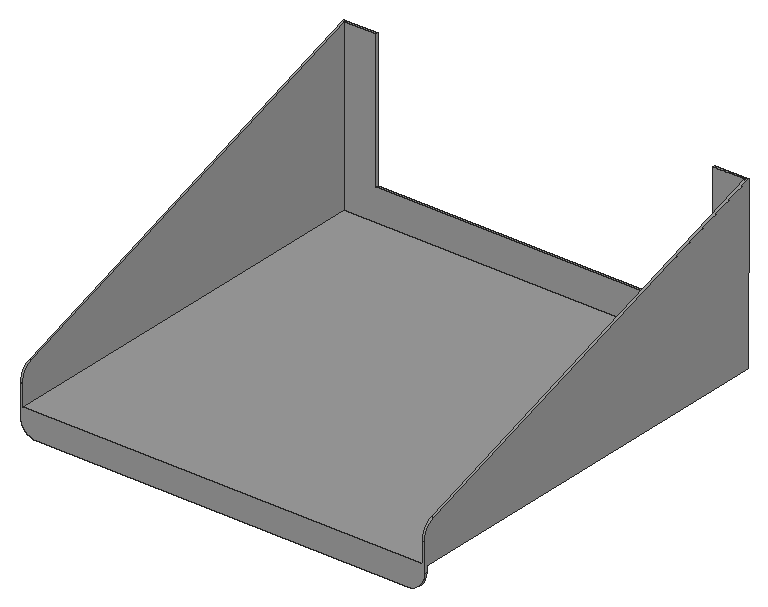
Revit family
Parameters (values of type "equip-shelf-elkay-microwave-24")
  Width = 2' - 0"  # constant formula
  URL = "www.sspinc.net"
  Specification URL = "http://www.sspinc.net/sspweb/index.php?option=com_virtuemart&page=shop.browse&category_id=50&Itemid=73"
  Shelf Material = Metal - Steel - Stainless - Chrome
  Model Number = "WMMS2424"
  Model = "Microwave Shelves"
  Manufacturer = "Elkay SSP, LLC"
  Length = 2' - 0"  # constant formula
  Height = 0' - 10"  # constant formula
  Dist of Shelf to Floor [instance] = 6' - 0"
  Description = "Microwave Shelves, 24 inch wide"
  Assembly Code = ""
Reference planes (in)
  plane 1 "Center (Front/Back)": y = 0
  plane 2: z = 0
  plane 3 "Center (Left/Right)": x = 0
  plane 4 "Left": x = -12
  plane 5 "Right": x = 12
  plane 6 "Back": y = 12
  plane 7 "Front": y = -12
  plane 8 "Top of Shelf": z = 82
  plane 9 "Bottom": z = 72
  plane 10 "Side Radius Arc CL T-B": z = 73.25
  plane 11 "Bottom of Turn-Down": z = 70.5
  plane 12 "Side Radius Arc CL F-B": y = -11
  plane 13 "Right Side - Inside Edge": x = 11.875
  plane 14 "Left Side - Inside Edge": x = -11.875
  plane 15 "Back Side - Inside Edge": y = 11.875
  plane 16 "Front Side - Inside Edge": y = -11.875
  plane 17: z = 71.875
  plane 18 "Front Radius Left CL": x = -11
  plane 19 "Front Radius Right CL": x = 11
  plane 20 "Front Radius Elev CL": z = 71.5
  plane 21 "Logo CL L-R": x = 7
  plane 22 "Logo CL F-B": y = 11
  plane 23 "Back Bracket Inside Edge": x = -10
Forms (in)
  Extrusion 1, solid, material "Metal - Steel - Stainless - Chrome" <- "Shelf Material"
    sketch origin (0, 0, 0) x (0, 1, 0) y (0, 0, 1)
      loop
        line (-12, 72) -> (12, 72) -> (12, 82) -> (-11.3173, 74.19833)
        arc (-11.3173, 74.19833) -> (-11.81157, 73.83425) -> (-12, 73.25) r 1
        line (-12, 73.25) -> (-12, 72)
    from 11.875 to 12
  Extrusion 2, solid, material "Metal - Steel - Stainless - Chrome" <- "Shelf Material"
    sketch origin (0, 0, 0) x (0, 1, 0) y (0, 0, 1)
      loop
        arc (-11.3173, 74.19833) -> (-11.81157, 73.83425) -> (-12, 73.25) r 1
        line (-12, 73.25) -> (-12, 72) -> (12, 72) -> (12, 82) -> (-11.3173, 74.19833)
    from -12 to -11.875
  Sweep 3, solid, material "Metal - Steel - Stainless - Chrome" <- "Shelf Material"
    path origin (0, 12, 0) x (-1, 0, 0) y (0, 0, 1)
      loop
        line (11.875, 82) -> (11.875, 72) -> (-11.875, 72) -> (-11.875, 82)
    profile origin (-11.875, 12, 77) x (0, 1, 0) y (-1, 0, 0)
      loop
        line (-0.125, -1.875) -> (0, -1.875) -> (0, 0) -> (-0.125, 0) -> (-0.125, -1.875)
  Extrusion 4, solid, material "Metal - Steel - Stainless - Chrome" <- "Shelf Material"
    sketch origin (0, 0, 0) x (1, 0, 0) y (0, 1, 0)
      loop
        line (-12, 12) -> (-12, -12) -> (12, -12) -> (12, 12) -> (-12, 12)
    from 71.875 to 72
  Extrusion 5, solid, material "Metal - Steel - Stainless - Chrome" <- "Shelf Material"
    sketch origin (0, 0, 0) x (1, 0, 0) y (0, 0, 1)
      loop
        line (-12, 72) -> (-12, 71.5)
        arc (-12, 71.5) -> (-11.70711, 70.79289) -> (-11, 70.5) r 1
        line (-11, 70.5) -> (11, 70.5)
        arc (11, 70.5) -> (11.70711, 70.79289) -> (12, 71.5) r 1
        line (12, 71.5) -> (12, 72) -> (-12, 72)
    from 11.875 to 12
Cuts and joins
  joined: Extrusion 1, Extrusion 2, Extrusion 4, Extrusion 5
Lines and regions (in)
  Masking region 1
    outline origin (0, 0, 0) x (1, 0, 0) y (0, 1, 0)
      loop
        line (-12, 12) -> (-12, -12) -> (12, -12) -> (12, 12) -> (-12, 12)
  reference lines
    curve 1: circle (0, -11, 73.25) r 1 normal (1, 0, 0)
    curve 2: arc (12, 0, 71.5) -> (11.70711, 0, 70.79289) -> (11, 0, 70.5) r 1
    curve 3: arc (-12, 0, 71.5) -> (-11.70711, 0, 70.79289) -> (-11, 0, 70.5) r 1
Dimensions and locks (in)
  equal spacing: plane 4 "Left", plane 3 "Center (Left/Right)", plane 5 "Right"
  equal spacing: plane 6 "Back", plane 1 "Center (Front/Back)", plane 7 "Front"
  locked: plane 6 "Back" to plane 7 "Front" at 24
  "Length": plane 4 "Left" to plane 5 "Right"
  "Dist of Shelf to Floor": plane 9 "Bottom" to plane 2
  locked: plane 8 "Top of Shelf" to plane 9 "Bottom" at 10
  locked: plane 10 "Side Radius Arc CL T-B" to plane 9 "Bottom" at 1.25
  locked: plane 9 "Bottom" to plane 11 "Bottom of Turn-Down" at 1.5
  locked: plane 7 "Front" to plane 12 "Side Radius Arc CL F-B" at 1
  locked: plane 13 "Right Side - Inside Edge" to plane 5 "Right" at 0.125
  locked: plane 4 "Left" to plane 14 "Left Side - Inside Edge" at 0.125
  locked: plane 6 "Back" to plane 15 "Back Side - Inside Edge" at 0.125
  locked: plane 16 "Front Side - Inside Edge" to plane 7 "Front" at 0.125
  locked: plane 9 "Bottom" to plane 17 at 0.125
  locked: plane 20 "Front Radius Elev CL" to plane 11 "Bottom of Turn-Down" at 1
  locked: plane 19 "Front Radius Right CL" to plane 5 "Right" at 1
  locked: plane 4 "Left" to plane 18 "Front Radius Left CL" at 1
  locked: plane 21 "Logo CL L-R" to plane 5 "Right" at 5
  locked: plane 6 "Back" to plane 22 "Logo CL F-B" at 1
  locked: plane 4 "Left" to plane 23 "Back Bracket Inside Edge" at 2
  aligned and locked: Extrusion 1 sketch curve to curve 1
  aligned and locked: Extrusion 1 sketch curve to plane 9 "Bottom"
  aligned and locked: Extrusion 1 sketch curve to plane 6 "Back"
  aligned and locked: plane 5 "Right" to Extrusion 1
  aligned and locked: Extrusion 1 to plane 13 "Right Side - Inside Edge"
  aligned and locked: Extrusion 2 sketch curve to curve 1
  aligned and locked: Extrusion 2 sketch curve to plane 9 "Bottom"
  aligned and locked: Extrusion 2 sketch curve to plane 6 "Back"
  aligned and locked: Extrusion 2 to plane 4 "Left"
  aligned and locked: Extrusion 2 to plane 14 "Left Side - Inside Edge"
  aligned and locked: Sweep 3 sketch curve to plane 14 "Left Side - Inside Edge"
  aligned and locked: Sweep 3 sketch curve to plane 13 "Right Side - Inside Edge"
  aligned and locked: Sweep 3 sketch curve to plane 9 "Bottom"
  aligned and locked: plane 8 "Top of Shelf" to Sweep 3 sketch curve  (x2)
  aligned and locked: plane 4 "Left" to Extrusion 4 sketch curve
  aligned and locked: plane 7 "Front" to Extrusion 4 sketch curve
  aligned and locked: Extrusion 4 sketch curve to plane 6 "Back"
  aligned and locked: plane 9 "Bottom" to Extrusion 4
  aligned and locked: Extrusion 4 to plane 17
  aligned and locked: Extrusion 5 sketch curve to plane 9 "Bottom"
  aligned and locked: Extrusion 5 sketch curve to plane 5 "Right"
  aligned and locked: Extrusion 5 sketch curve to curve 3
  aligned and locked: Extrusion 5 sketch curve to curve 2
  aligned and locked: plane 16 "Front Side - Inside Edge" to Extrusion 5
  aligned and locked: Extrusion 5 to plane 7 "Front"
  aligned and locked: Extrusion 4 sketch curve to plane 5 "Right"
  aligned and locked: Masking region 1 sketch curve to plane 5 "Right"
  aligned and locked: plane 7 "Front" to Masking region 1 sketch curve
  aligned and locked: plane 4 "Left" to Masking region 1 sketch curve
  aligned and locked: Masking region 1 sketch curve to plane 6 "Back"
  aligned and locked: plane 21 "Logo CL L-R" to nested 1
  aligned and locked: plane 22 "Logo CL F-B" to nested 1
  aligned and locked: Sweep 3 sketch curve to plane 6 "Back"
  aligned and locked: plane 15 "Back Side - Inside Edge" to Sweep 3 sketch curve
  aligned and locked: Sweep 3 sketch curve to plane 23 "Back Bracket Inside Edge"
  aligned and locked: plane 14 "Left Side - Inside Edge" to Sweep 3 sketch curve
  aligned and locked: profile plane to plane 6 "Back"
Automatic sketch dimensions
  curve 1 to plane 10 "Side Radius Arc CL T-B" = 0' - 0"
  curve 1 to plane 12 "Side Radius Arc CL F-B" = 0' - 0"
  curve 3 to plane 4 "Left" = 0' - 0"
  curve 3 to plane 18 "Front Radius Left CL" = 0' - 0"
  curve 2 to plane 11 "Bottom of Turn-Down" = 0' - 0"
  curve 2 to plane 19 "Front Radius Right CL" = 0' - 0"
  curve 2 to plane 5 "Right" = 0' - 0"
  curve 3 to plane 11 "Bottom of Turn-Down" = 0' - 0"
  Extrusion 1 sketch curve to plane 8 "Top of Shelf" = 0' - 0"
  Extrusion 1 sketch curve to plane 12 "Side Radius Arc CL F-B" = 0' - 0.3173"
  Extrusion 2 sketch curve to plane 8 "Top of Shelf" = 0' - 0"
  Extrusion 2 sketch curve to plane 12 "Side Radius Arc CL F-B" = 0' - 0.3173"
  radius of curve 1 = 0' - 1"
Nested families (in)
  nested 1: "logo-elkay-ssp-detail" at (7, 11, 0), type "logo-elkay-ssp-detail"
Definition of nested family "logo-elkay-ssp-detail"
  Parameters (values of type "logo-elkay-ssp-detail")
    Assembly Code = ""
  Reference planes (in)
    plane 1 "Center (Front/Back)": y = 0
    plane 2: z = 0
    plane 3 "Center (Left/Right)": x = 0
  Lines and regions (in)
    model lines, style "Light Lines", in view "Ref. Level"
      curve 1: line (-3.32285, -0.06136, 0) -> (-4.06065, -0.06136, 0)
      curve 2: line (-4.06065, -0.06136, 0) -> (-4.1052, -0.25903, 0)
      curve 3: line (-4.1052, -0.25903, 0) -> (-3.21308, -0.25903, 0)
      curve 4: line (-3.21308, -0.25903, 0) -> (-3.24121, -0.38381, 0)
      curve 5: line (-3.24121, -0.38381, 0) -> (-4.38592, -0.38381, 0)
      curve 6: line (-4.38592, -0.38381, 0) -> (-4.2221, 0.37099, 0)
      curve 7: line (-4.2221, 0.37099, 0) -> (-3.14692, 0.37099, 0)
      curve 8: line (-3.14692, 0.37099, 0) -> (-3.17697, 0.23769, 0)
      curve 9: line (-3.17697, 0.23769, 0) -> (-3.99255, 0.23769, 0)
      curve 10: line (-3.99255, 0.23769, 0) -> (-4.0323, 0.06136, 0)
      curve 11: line (-4.0323, 0.06136, 0) -> (-3.29519, 0.06136, 0)
      curve 12: line (-3.29519, 0.06136, 0) -> (-3.32285, -0.06136, 0)
      curve 13: line (-2.6687, 0.37099, 0) -> (-2.81391, -0.25903, 0)
      curve 14: line (-2.81391, -0.25903, 0) -> (-2.05871, -0.25903, 0)
      curve 15: line (-2.05871, -0.25903, 0) -> (-2.08684, -0.38381, 0)
      curve 16: line (-2.08684, -0.38381, 0) -> (-3.09595, -0.38381, 0)
      curve 17: line (-3.09595, -0.38381, 0) -> (-2.93213, 0.37099, 0)
      curve 18: line (-2.93213, 0.37099, 0) -> (-2.6687, 0.37099, 0)
      curve 19: line (-0.64402, 0.37099, 0) -> (-0.90842, 0.37099, 0)
      curve 20: line (-0.90842, 0.37099, 0) -> (-1.67841, -0.0469, 0)
      curve 21: line (-1.67841, -0.0469, 0) -> (-1.57913, 0.37099, 0)
      curve 22: line (-1.57913, 0.37099, 0) -> (-1.84806, 0.37099, 0)
      curve 23: line (-1.84806, 0.37099, 0) -> (-2.01188, -0.38381, 0)
      curve 24: line (-2.01188, -0.38381, 0) -> (-1.7563, -0.38381, 0)
      curve 25: line (-1.7563, -0.38381, 0) -> (-1.71799, -0.21251, 0)
      curve 26: line (-1.71799, -0.21251, 0) -> (-1.43517, -0.06668, 0)
      curve 27: line (-1.43517, -0.06668, 0) -> (-1.0752, -0.38302, 0)
      curve 28: line (-1.0752, -0.38302, 0) -> (-0.71907, -0.38302, 0)
      curve 29: line (-0.71907, -0.38302, 0) -> (-1.21254, 0.0523, 0)
      curve 30: line (-1.21254, 0.0523, 0) -> (-0.64912, 0.37099, 0)
      curve 31: line (0.08918, 0.26288, 0) -> (0.26729, -0.08711, 0)
      curve 32: line (0.26729, -0.08711, 0) -> (-0.20629, -0.08711, 0)
      curve 33: line (-0.20629, -0.08711, 0) -> (0.08918, 0.26288, 0)
      curve 34: line (0.34973, -0.25251, 0) -> (0.4165, -0.38302, 0)
      curve 35: line (0.4165, -0.38302, 0) -> (0.70132, -0.38302, 0)
      curve 36: line (0.70132, -0.38302, 0) -> (0.33383, 0.37099, 0)
      curve 37: line (0.33383, 0.37099, 0) -> (0.0006, 0.37099, 0)
      curve 38: line (0.0006, 0.37099, 0) -> (-0.67302, -0.38302, 0)
      curve 39: line (-0.67302, -0.38302, 0) -> (-0.46788, -0.38302, 0)
      curve 40: line (-0.46788, -0.38302, 0) -> (-0.3476, -0.25251, 0)
      curve 41: line (-0.3476, -0.25251, 0) -> (0.34973, -0.25251, 0)
      curve 42: line (0.56187, 0.37099, 0) -> (0.87618, 0.37099, 0)
      curve 43: line (0.87618, 0.37099, 0) -> (1.20045, 0.00137, 0)
      curve 44: line (1.20045, 0.00137, 0) -> (1.65515, 0.37099, 0)
      curve 45: line (1.65515, 0.37099, 0) -> (1.84822, 0.37099, 0)
      curve 46: line (1.84822, 0.37099, 0) -> (1.2574, -0.11624, 0)
      curve 47: line (0.57295, 0.37099, 0) -> (1.00835, -0.11016, 0)
      curve 48: line (1.00835, -0.11016, 0) -> (0.94407, -0.38302, 0)
      curve 49: line (0.94407, -0.38302, 0) -> (1.19982, -0.38302, 0)
      curve 50: line (1.19982, -0.38302, 0) -> (1.2574, -0.11624, 0)
      curve 51: arc (2.52563, -0.41963, 0) -> (2.55578, -0.40042, 0) -> (2.5511, -0.36497, 0) r 0.03326
      curve 52: arc (2.46024, 0.37099, 0) -> (2.23746, 0.22901, 0) -> (2.27207, -0.03289, 0) r 0.24577
      curve 53: arc (3.26518, 0.1338, 0) -> (3.22745, 0.10965, 0) -> (3.23358, 0.06528, 0) r 0.04155
      curve 54: arc (3.33528, -0.6502, 0) -> (3.54975, -0.51639, 0) -> (3.51615, -0.26584, 0) r 0.23308
      curve 55: arc (3.29628, -0.70696, 0) -> (3.41982, -0.6722, 0) -> (3.50727, -0.57827, 0) r 0.23766
      curve 56: arc (3.2186, -0.41963, 0) -> (3.25205, -0.39818, 0) -> (3.24651, -0.35884, 0) r 0.03681
      curve 57: arc (3.15289, 0.37099, 0) -> (2.93027, 0.22824, 0) -> (2.96709, -0.03364, 0) r 0.24497
      curve 58: arc (2.633, -0.64933, 0) -> (2.85307, -0.50732, 0) -> (2.81371, -0.24838, 0) r 0.24106
      curve 59: arc (2.57187, 0.13545, 0) -> (2.53153, 0.10936, 0) -> (2.53876, 0.06187, 0) r 0.04424
      curve 60: arc (2.55732, 0.07873, 0) -> (2.54756, 0.0776, 0) -> (2.53831, 0.07426, 0) r 0.04262
      curve 61: arc (2.92714, 0.22115, 0) -> (2.87312, 0.06226, 0) -> (2.93286, -0.09457, 0) r 0.24753
      curve 62: arc (2.23855, 0.23132, 0) -> (2.17681, 0.0715, 0) -> (2.23443, -0.08985, 0) r 0.24592
      curve 63: arc (3.88486, -0.44269, 0) -> (4.12885, -0.30718, 0) -> (4.32958, -0.11327, 0) r 1.0718
      curve 64: arc (4.32958, -0.11327, 0) -> (4.38535, 0.16386, 0) -> (4.19297, 0.37099, 0) r 0.30993
      curve 65: arc (3.88486, -0.48319, 0) -> (4.13375, -0.33012, 0) -> (4.32958, -0.11327, 0) r 1.02892
      curve 66: arc (4.32958, -0.11327, 0) -> (4.38773, 0.0419, 0) -> (4.36981, 0.20663, 0) r 0.35813
      curve 67: arc (3.97545, 0.1338, 0) -> (4.02101, 0.1288, 0) -> (4.0644, 0.11404, 0) r 0.21001
      curve 68: arc (4.0644, 0.11404, 0) -> (4.10051, 0.07497, 0) -> (4.09899, 0.0218, 0) r 0.07042
      curve 69: arc (4.09899, 0.0218, 0) -> (4.08251, -0.0082, 0) -> (4.06114, -0.03492, 0) r 0.19865
      curve 70: arc (4.06114, -0.03492, 0) -> (3.97859, -0.10823, 0) -> (3.88498, -0.16674, 0) r 0.65976
      curve 71: arc (3.93761, 0.07708, 0) -> (3.98316, 0.07208, 0) -> (4.02655, 0.05732, 0) r 0.21001
      curve 72: arc (4.02655, 0.05732, 0) -> (4.05187, 0.03848, 0) -> (4.06773, 0.0112, 0) r 0.07853
      curve 73: arc (4.06773, 0.0112, 0) -> (4.06991, -0.01264, 0) -> (4.06114, -0.03492, 0) r 0.05183
      curve 74: line (2.57187, 0.13545, 0) -> (2.84882, 0.13545, 0)
      curve 75: line (2.84882, 0.13545, 0) -> (2.77849, 0.37099, 0)
      curve 76: line (2.77849, 0.37099, 0) -> (2.46024, 0.37099, 0)
      curve 77: line (2.27207, -0.03289, 0) -> (2.5511, -0.36497, 0)
      curve 78: line (3.34243, -0.6502, 0) -> (2.02856, -0.6502, 0)
      curve 79: line (2.02856, -0.6502, 0) -> (1.96102, -0.41963, 0)
      curve 80: line (1.96102, -0.41963, 0) -> (2.52563, -0.41963, 0)
      curve 81: line (1.97764, -0.47635, 0) -> (1.92318, -0.47635, 0)
      curve 82: line (1.92318, -0.47635, 0) -> (1.99066, -0.70813, 0)
      curve 83: line (1.99066, -0.70813, 0) -> (3.29628, -0.70813, 0)
      curve 84: line (3.88486, -0.44269, 0) -> (3.88486, -0.65187, 0)
      curve 85: line (3.88486, -0.65187, 0) -> (3.62132, -0.65187, 0)
      curve 86: line (3.62132, -0.65187, 0) -> (3.62132, 0.1338, 0)
      curve 87: line (3.62132, 0.1338, 0) -> (3.26518, 0.1338, 0)
      curve 88: line (3.84701, -0.65187, 0) -> (3.84701, -0.70859, 0)
      curve 89: line (3.84701, -0.70859, 0) -> (3.58348, -0.70859, 0)
      curve 90: line (3.58348, -0.70859, 0) -> (3.58348, 0.07708, 0)
      curve 91: line (3.58348, 0.07708, 0) -> (3.2265, 0.07708, 0)
      curve 92: line (3.97545, 0.1338, 0) -> (3.88498, 0.1338, 0)
      curve 93: line (3.88498, 0.1338, 0) -> (3.88498, -0.16674, 0)
      curve 94: line (3.15289, 0.37099, 0) -> (4.19297, 0.37099, 0)
      curve 95: line (2.79404, 0.13545, 0) -> (2.81098, 0.07873, 0)
      curve 96: line (2.81098, 0.07873, 0) -> (2.55732, 0.07873, 0)
      curve 97: line (2.8741, -0.41963, 0) -> (3.2186, -0.41963, 0)
      curve 98: line (3.23358, 0.06528, 0) -> (3.53073, -0.28292, 0)
      curve 99: line (2.96709, -0.03364, 0) -> (3.24651, -0.35884, 0)
      curve 100: line (2.53876, 0.06187, 0) -> (2.81371, -0.24838, 0)
      curve 101: line (2.93286, -0.09457, 0) -> (3.21217, -0.41963, 0)
      curve 102: line (2.23443, -0.08985, 0) -> (2.51152, -0.41963, 0)
      curve 103: line (3.88498, 0.07708, 0) -> (3.93761, 0.07708, 0)
